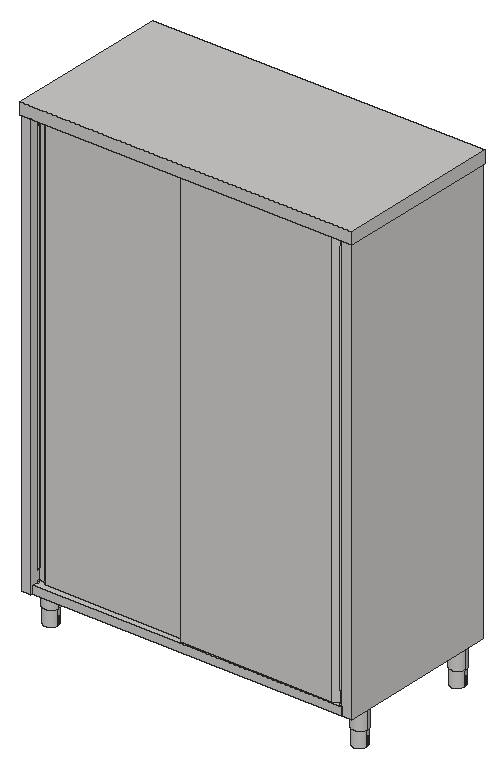
Revit family "QF_ELECTROLUXPROFESSIONAL_132801_MAS1400SPN", category Attrezzature speciali, Revit 2020
Family settings
  Quota connettore circolare = Usa diametro
  Tipo di parte = Normale
  Basato su piano di lavoro = No
  Sempre verticale = Sì
  Taglio con vuoti quando caricato = No
  Condiviso = No
  Punto di calcolo locali = No
Parameters (values of type "Standard")
  Weight = 120.00 kg
  Watts = 0 W
  Volts = 0 V
  URL Manufacturer = "https://www.electroluxprofessional.com/"
  URL = "https://www.electroluxprofessional.com/"
  Steam Supply Size = 0 mm
  Steam Supply Minimum Pressure = 0.0 Pa
  Steam Supply Maximum Pressure = 0.0 Pa
  Steam Consumption per Hour = 0
  Refrigeration Suction Line Size = 0.0 mm
  Refrigeration Liquid Line Size = 0.0 mm
  Refrigerant Compressor Remote = yes
  Prospetto di default = 0.0 mm
  Phase = 0
  Modello = "MAS1400SPN"
  Produttore = "Electrolux Professional"
  Length Actual = 1400.0 mm  # constant formula
  Item Number = "132801"
  Hot Water Size = 0 mm
  Height Actual = 2000.0 mm  # constant formula
  HP = "0 HP"
  Gas Size = 0 mm
  Gas KW = 0
  Gas Input Pressure = 0 W
  Direct Waste Size = 0 mm
  Descrizione = "STORAGE CABINET+SHELVES+SLIDING D.1400MM"
  Depth Actual = 700.0 mm  # constant formula
  Cycle = 0 Hz
  Condensate Return Size = 0 mm
  Compressed Air Volume = 0.0 L/s
  Compressed Air Size = 0 mm
  Compressed Air Pressure = 0.0 Pa
  Cold Water Size = 0 mm
  Accessory = yes
Reference planes
  plane 1 "Center (Front/Back)": y = 0
  plane 2: z = 0
  plane 3 "Center (Left/Right)": x = -300
  plane 4 "LEFT": x = -1000
  plane 5 "RIGHT": x = 400
  plane 6 "BACK": y = 350
  plane 7 "FRONT": y = -350
  plane 8 "TOP": z = 2000
  plane 9: x = -952
  plane 10: x = 352
  plane 11: y = 270
  plane 12: y = -247
  plane 13 "FEET": z = 150
  plane 14: x = -954.5
  plane 15: y = -344.5
  plane 16: x = 354.5
  plane 17: x = -326.5
  plane 18: x = -273.5
  plane 19 "BaseTop": z = 1950
  plane 20: x = -994.5
  plane 21: x = 394.5
  plane 22: y = 344.5
Forms (mm)
  Extrusion 1, solid, material "QF_Finishes_Stainless Steel"
    sketch origin (0, 0, 150) x (-1, 0, 0) y (0, -1, 0)
      loop
        line (994.5, -350) -> (994.5, 350) -> (954.5, 350) -> (954.5, -350) -> (994.5, -350)
      loop
        line (-354.5, -350) -> (-354.5, 344.5) -> (-394.5, 344.5) -> (-394.5, -350) -> (-354.5, -350)
    from 0 to 1800
  Extrusion 2, solid, material "QF_Finishes_Stainless Steel"
    sketch origin (0, 0, 150) x (-1, 0, 0) y (0, -1, 0)
      loop
        line (954.5, -347) -> (954.5, 344.5) -> (-354.5, 344.5) -> (-354.5, -347) -> (954.5, -347)
    from 0 to 35
  Extrusion 3, solid, material "QF_Finishes_Stainless Steel"
    sketch origin (33, 0, 150) x (-1, 0, 0) y (0, -1, 0)
      loop
        line (306.5, 324.5) -> (306.5, 304.5) -> (985, 304.5) -> (985, 319.071) -> (977.942, 326.129) -> (976.312, 324.5) -> (983, 317.812) -> (983, 309.5) -> (966.034, 309.5) -> (946.034, 324.5) -> (306.5, 324.5)
    from 1800 to 40
  Extrusion 4, void
    sketch origin (0, -350, 0) x (-1, 0, 0) y (0, 0, 1)
      loop
        line (942.418, 247.973) -> (942.418, 191.4) -> (954.5, 191.4) -> (954.5, 229.369) -> (942.418, 247.973)
      loop
        line (942.418, 1916.627) -> (954.5, 1935.231) -> (954.5, 1950) -> (942.418, 1950) -> (942.418, 1916.627)
    from 20.5 to 40.5
  Extrusion 5, solid, material "QF_Finishes_Stainless Steel"
    sketch origin (0, 0, 150) x (-1, 0, 0) y (0, -1, 0)
      loop
        line (-354.5, -350) -> (954.5, -350) -> (954.5, -327) -> (-354.5, -327) -> (-354.5, -350)
    from 1800 to 35
  Extrusion 6, solid, material "QF_Finishes_Stainless Steel"
    sketch origin (0, 0, 1950) x (-1, 0, 0) y (0, -1, 0)
      loop
        line (1000, 350) -> (-400, 350) -> (-400, -350) -> (1000, -350) -> (1000, 350)
    from 0 to 50
  Extrusion 7, solid, material "QF_Finishes_Stainless Steel"
    sketch origin (-633, 0, 150) x (1, 0, 0) y (0, 1, 0)
      loop
        line (306.5, -344.5) -> (946.034, -344.5) -> (966.034, -329.5) -> (983, -329.5) -> (983, -337.812) -> (976.312, -344.5) -> (977.942, -346.129) -> (985, -339.071) -> (985, -324.5) -> (306.5, -324.5) -> (306.5, -344.5)
    from 1800 to 40
  Extrusion 8, void
    sketch origin (-600, -350, 0) x (1, 0, 0) y (0, 0, -1)
      loop
        line (942.418, -247.973) -> (954.5, -229.369) -> (954.5, -191.4) -> (942.418, -191.4) -> (942.418, -247.973)
      loop
        line (942.418, -1916.627) -> (942.418, -1950) -> (954.5, -1950) -> (954.5, -1935.231) -> (942.418, -1916.627)
    from 2.538 to 20.5
Cuts and joins
  Extrusion 4, Extrusion 8 cuts Extrusion 3
  Extrusion 8 cuts Extrusion 1
  Extrusion 8 cuts Extrusion 7
Lines and regions (mm)
  symbolic lines, style "SpecialityEquipmentHiddenLines"
    curve 1: line (-951.5, -324.5, 1600) -> (-951.5, -329.5, 1600)
    curve 6: line (-1000, -350, 1950) -> (400, 350, 1950)
    curve 7: line (-326.5, -324.5, 200) -> (-326.5, -344.5, 200)
    curve 8: line (-952, -304.5, 1950) -> (-273.5, -304.5, 1950)
    curve 9: line (-273.5, -304.5, 1950) -> (-273.5, -324.5, 1950)
    curve 10: line (-273.5, -324.5, 1950) -> (-913.034, -324.5, 1950)
    curve 11: line (-913.034, -324.5, 1950) -> (-933.034, -309.5, 1950)
    curve 12: line (-933.034, -309.5, 1950) -> (-952, -309.5, 1950)
    curve 13: line (-952, -309.5, 1950) -> (-952, -304.5, 1950)
    curve 14: line (-326.5, -344.5, 1950) -> (313.034, -344.5, 1950)
    curve 15: line (313.034, -344.5, 1950) -> (333.034, -329.5, 1950)
    curve 16: line (333.034, -329.5, 1950) -> (352, -329.5, 1950)
    curve 17: line (352, -329.5, 1950) -> (352, -324.5, 1950)
    curve 18: line (352, -324.5, 1950) -> (-273.5, -324.5, 1950)
  symbolic lines, style "SpecialityEquipment"
    curve 2: line (-1000, 350, 1950) -> (400, 350, 1950)
    curve 3: line (-1000, -350, 1950) -> (-1000, 350, 1950)
    curve 4: line (400, -350, 1950) -> (-1000, -350, 1950)
    curve 5: line (400, 350, 1950) -> (400, -350, 1950)
Dimensions and locks
  plane 4 "LEFT" to plane 5 "RIGHT" = 1400.0 mm
  equal spacing: plane 4 "LEFT", plane 3 "Center (Left/Right)", plane 5 "RIGHT"
  plane 6 "BACK" to plane 7 "FRONT" = 700.0 mm
  equal spacing: plane 6 "BACK", plane 1 "Center (Front/Back)", plane 7 "FRONT"
  locked: plane 13 "FEET" to level at 150
  locked: plane 4 "LEFT" to plane 9 at 48
  locked: plane 10 to plane 5 "RIGHT" at 48
  locked: plane 6 "BACK" to plane 11 at 80
  locked: plane 12 to plane 7 "FRONT" at 103
  locked: plane 8 "TOP" to level at 2000
  locked: plane 17 to plane 18 at 53
  equal spacing: plane 17, plane 3 "Center (Left/Right)", plane 18
  locked: plane 8 "TOP" to plane 19 "BaseTop" at 50
  plane 4 "LEFT" to plane 20 = 5.5 mm
  locked: plane 20 to plane 14 at 40
  locked: plane 16 to plane 21 at 40
  locked: plane 21 to plane 5 "RIGHT" at 5.5
  plane 15 to plane 7 "FRONT" = 5.5 mm  (x2)
  plane 6 "BACK" to plane 22 = 5.5 mm
  aligned and locked: level to plane 2
  aligned and locked: plane 9 to nested 1
  aligned and locked: plane 10 to nested 2
  aligned and locked: nested 4 to plane 11
  aligned and locked: plane 9 to nested 3
  aligned and locked: nested 3 to plane 11
  aligned and locked: plane 6 "BACK" to Extrusion 1 sketch curve
  aligned and locked: Extrusion 1 sketch curve to plane 6 "BACK"
  aligned and locked: Extrusion 1 sketch curve to plane 7 "FRONT"
  aligned and locked: plane 14 to Extrusion 1
  aligned and locked: Extrusion 2 to plane 14
  aligned and locked: Extrusion 2 to plane 15
  aligned and locked: nested 1 to plane 12
  aligned and locked: nested 2 to plane 12
  aligned and locked: Extrusion 2 sketch curve to plane 16
  aligned and locked: plane 18 to Extrusion 3
  aligned and locked: nested 4 to nested 2
  aligned and locked: plane 16 to Extrusion 5
  aligned and locked: Extrusion 5 to plane 14
  aligned and locked: plane 19 "BaseTop" to Extrusion 3
  aligned and locked: plane 19 "BaseTop" to Extrusion 5
  aligned and locked: plane 19 "BaseTop" to cut or joined group of Extrusion 7, Extrusion 8
  aligned and locked: plane 19 "BaseTop" to cut or joined group of Extrusion 1, Extrusion 8
Automatic sketch dimensions
  Extrusion 1 sketch curve to plane 15 = 0.0 mm
  Extrusion 1 sketch curve to plane 21 = 0.0 mm
  Extrusion 1 sketch curve to plane 16 = 0.0 mm
  Extrusion 1 sketch curve to plane 14 = 0.0 mm
  Extrusion 1 sketch curve to plane 20 = 0.0 mm
  Extrusion 2 sketch curve to plane 14 = 0.0 mm
  Extrusion 2 sketch curve to plane 15 = 0.0 mm
  plane 22 to Extrusion 2 sketch curve = 2.5 mm
  Extrusion 3 sketch curve to plane 18 = 0.0 mm
  plane 15 to Extrusion 3 sketch curve = 20.0 mm  (x2)
  Extrusion 3 sketch curve to plane 9 = 0.0 mm
  plane 9 to Extrusion 3 sketch curve = 38.966 mm
  plane 9 to Extrusion 3 sketch curve = 18.966 mm
  plane 9 to Extrusion 3 sketch curve = 8.688 mm
  plane 15 to Extrusion 3 sketch curve = 18.371 mm
  Extrusion 3 sketch curve to Extrusion 3 sketch curve = 1.629 mm
  plane 9 to Extrusion 3 sketch curve = 2.0 mm
  plane 15 to Extrusion 3 sketch curve = 35.0 mm
  Extrusion 3 sketch curve to Extrusion 3 sketch curve = 5.0 mm
  plane 9 to curve 1 = 0.5 mm
  plane 15 to curve 1 = 15.0 mm
  curve 1 to curve 1 = 5.0 mm
  curve 7 to plane 15 = 0.0 mm
  curve 7 to plane 17 = 0.0 mm
  plane 15 to curve 7 = 20.0 mm
  Extrusion 5 sketch curve to plane 6 "BACK" = 0.0 mm
  Extrusion 5 sketch curve to plane 16 = 0.0 mm
  Extrusion 5 sketch curve to plane 14 = 0.0 mm
  plane 22 to Extrusion 5 sketch curve = 17.5 mm
  Extrusion 6 sketch curve to plane 5 "RIGHT" = 0.0 mm
  Extrusion 6 sketch curve to plane 4 "LEFT" = 0.0 mm
  Extrusion 6 sketch curve to plane 6 "BACK" = 0.0 mm
  Extrusion 6 sketch curve to plane 7 "FRONT" = 0.0 mm
  Extrusion 7 sketch curve to plane 17 = 0.0 mm
  Extrusion 7 sketch curve to plane 15 = 0.0 mm  (x2)
  Extrusion 7 sketch curve to plane 10 = 0.0 mm
  plane 10 to Extrusion 7 sketch curve = 38.966 mm
  plane 10 to Extrusion 7 sketch curve = 18.966 mm
  plane 10 to Extrusion 7 sketch curve = 8.688 mm
  plane 15 to Extrusion 7 sketch curve = 1.629 mm
  Extrusion 7 sketch curve to Extrusion 7 sketch curve = 1.629 mm
  plane 10 to Extrusion 7 sketch curve = 2.0 mm
  Extrusion 7 sketch curve to plane 15 = 15.0 mm
  Extrusion 7 sketch curve to Extrusion 7 sketch curve = 5.0 mm
  Extrusion 4 sketch curve to plane 19 "BaseTop" = 0.0 mm
  Extrusion 4 sketch curve to plane 14 = 0.0 mm  (x2)
  plane 9 to Extrusion 4 sketch curve = 9.582 mm  (x2)
  Extrusion 4 sketch curve to plane 19 "BaseTop" = 14.769 mm
  plane 13 "FEET" to Extrusion 4 sketch curve = 97.973 mm
  Extrusion 4 sketch curve to Extrusion 4 sketch curve = 18.604 mm  (x2)
  Extrusion 4 sketch curve to Extrusion 4 sketch curve = 37.969 mm
  Extrusion 8 sketch curve to plane 19 "BaseTop" = 0.0 mm
  plane 16 to Extrusion 8 sketch curve = 0.0 mm
  plane 10 to Extrusion 8 sketch curve = 9.582 mm  (x2)
  Extrusion 8 sketch curve to Extrusion 8 sketch curve = 18.604 mm  (x2)
  Extrusion 8 sketch curve to Extrusion 8 sketch curve = 37.969 mm
  Extrusion 8 sketch curve to plane 16 = 0.0 mm
  plane 19 "BaseTop" to Extrusion 8 sketch curve = 14.769 mm
  Extrusion 8 sketch curve to plane 13 "FEET" = 97.973 mm
  curve 6 to plane 5 "RIGHT" = 0.0 mm
  curve 17 to plane 10 = 0.0 mm
  curve 14 to plane 15 = 0.0 mm
  curve 10 to plane 18 = 0.0 mm
  curve 14 to plane 17 = 0.0 mm
  curve 12 to plane 9 = 0.0 mm
  curve 4 to plane 4 "LEFT" = 0.0 mm
  curve 2 to plane 6 "BACK" = 0.0 mm
  curve 5 to plane 7 "FRONT" = 0.0 mm
  curve 16 to plane 10 = 18.966 mm
  curve 15 to curve 14 = 20.0 mm
  plane 9 to curve 10 = 38.966 mm
  curve 12 to curve 12 = 18.966 mm
  curve 8 to curve 12 = 5.0 mm
  curve 8 to curve 10 = 20.0 mm
  plane 15 to curve 17 = 15.0 mm
  curve 17 to curve 16 = 5.0 mm
Nested families
  nested 1: "FEET_D60-150" at (-952, -247, 0), type "FEET_D60-150"
  nested 2: "FEET_D60-150" at (352, -247, 0), type "FEET_D60-150"
  nested 3: "FEET_D60-150" at (-952, 270, 0), type "FEET_D60-150"
  nested 4: "FEET_D60-150" at (352, 270, 0), type "FEET_D60-150"
Definition of nested family "FEET_D60-150"
  Parameters
    Default Elevation = 0.0 mm
    FEET = 150.0 mm
  Reference planes
    plane 1 "Center (Front/Back)": y = 0
    plane 2: z = 0
    plane 3 "Center (Left/Right)": x = 0
    plane 4: z = 150
  Forms (mm)
    Extrusion 1, solid
      sketch origin (0, 0, 0) x (1, 0, 0) y (0, 1, 0)
        loop
          circle (0, 0) r 28
      from 0 to 67
    Revolve 2, solid
      sketch origin (0, 0, 0) x (1, 0, 0) y (0, 0, 1)
        loop
          line (0, 0) -> (0, 150) -> (-32.939, 150) -> (-32.939, 67) -> (-30, 67) -> (-30, 0) -> (0, 0)
        axis (0, 150) -> (0, 0)
      angle from 0 to 360
  Lines and regions (mm)
    symbolic lines
      curve 1: line (0, -1.503, 0) -> (0, 1.508, 0)
      curve 2: line (1.561, 0, 0) -> (-1.439, 0, 0)
  Dimensions and locks
    "FEET": plane 4 to plane 2
    aligned and locked: level to plane 2
  Automatic sketch dimensions
    plane 1 "Center (Front/Back)" to Extrusion 1 sketch curve = 0.0 mm
    Extrusion 1 sketch curve to plane 3 "Center (Left/Right)" = 0.0 mm
    plane 1 "Center (Front/Back)" to curve 2 = 0.0 mm
    curve 1 to plane 3 "Center (Left/Right)" = 0.0 mm
    curve 2 to plane 3 "Center (Left/Right)" = 1.439 mm
    plane 3 "Center (Left/Right)" to curve 2 = 1.561 mm
    plane 1 "Center (Front/Back)" to curve 1 = 1.503 mm
    curve 1 to plane 1 "Center (Front/Back)" = 1.508 mm
    Revolve 2 sketch curve to plane 4 = 0.0 mm
    Revolve 2 sketch curve to level = 0.0 mm
    Revolve 2 sketch curve to plane 3 "Center (Left/Right)" = 0.0 mm  (x2)
    Revolve 2 sketch curve to plane 3 "Center (Left/Right)" = 30.0 mm
    Revolve 2 sketch curve to plane 3 "Center (Left/Right)" = 32.939 mm
    level to Revolve 2 sketch curve = 67.0 mm
    Revolve 2 sketch curve to level = 42.207 mm
    Revolve 2 sketch curve to Revolve 2 sketch curve = 10.0 mm
    radius of Extrusion 1 sketch curve = 28.0 mm
